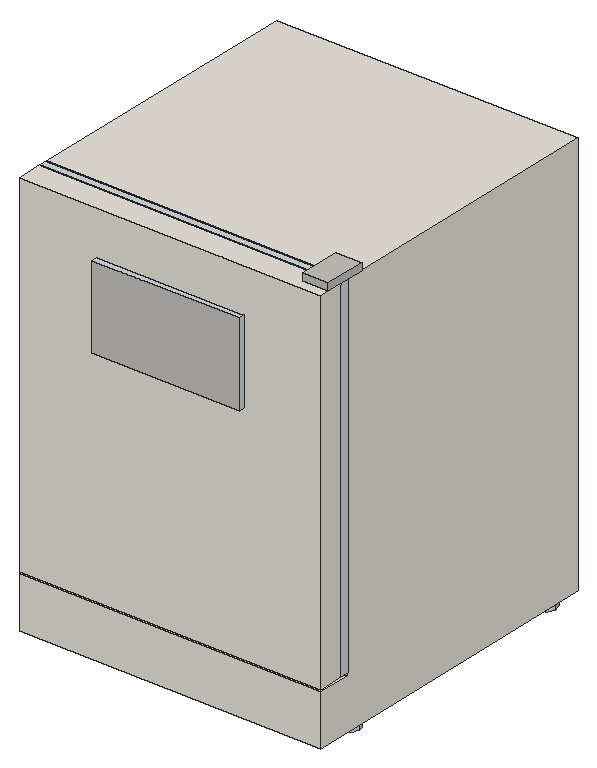
Revit family "NU-5700", category Mechanical Equipment, Revit 2018
Family settings
  Round Connector Dimension = Use Diameter
  Part Type = Normal
  OmniClass Number = 23.75.00.00
  OmniClass Title = Climate Control (HVAC)
  Work Plane-Based = No
  Always vertical = Yes
  Cut with Voids When Loaded = No
  Shared = No
  Room Calculation Point = No
Parameters
  WIDTH = 2' - 1 5/8"
  HEIGHT = 2' - 11 9/16"
  DEPTH = 2' - 3 5/16"
  CONTROL PANEL WIDTH = 1' - 0 9/16"
Reference planes (in)
  plane 1 "Center (Front/Back)": y = 0
  plane 2: z = 0
  plane 3 "Center (Left/Right)": x = 0
  plane 4: x = -12.8125
  plane 5: x = 12.8125
  plane 6: x = -6.28125
  plane 7: x = 6.28125
  plane 8: z = 5.5
  plane 9: z = 5.3125
  plane 10: z = 1
  plane 11: z = 31.75
  plane 12: z = 35.5625
  plane 13: z = 24.6875
  plane 14: z = 36.1875
  plane 15: x = 10.625
  plane 16: y = 13.65625
  plane 17: y = -13.65625
  plane 18: y = -11.53125
  plane 19: y = -10.84375
  plane 20: y = -14.15625
  plane 21: y = -12.90625
  plane 22: y = 12.21875
  plane 23: x = -11.3125
  plane 24: x = 11.3125
  plane 25: y = -9.34375
  plane 26: y = -8.65625
  plane 27: x = -10.5125
  plane 28: x = 10.5125
Forms (in)
  Extrusion 1, solid
    sketch origin (0, 0, 0) x (1, 0, 0) y (0, 0, 1)
      loop
        line (-6.28125, 31.75) -> (-6.28125, 24.6875) -> (6.28125, 24.6875) -> (6.28125, 31.75) -> (-6.28125, 31.75)
    from 13.65625 to 14.15625
  Extrusion 2, solid
    sketch origin (0, 0, 0) x (1, 0, 0) y (0, 0, 1)
      loop
        line (-12.8125, 35.5625) -> (-12.8125, 5.5) -> (12.8125, 5.5) -> (12.8125, 35.5625) -> (-12.8125, 35.5625)
    from 10.84375 to 11.53125
  Extrusion 3, solid
    sketch origin (-25.125, 0, -0.32839) x (1, 0, 0) y (0, 0, 1)
      loop
        line (12.3125, 35.89089) -> (12.3125, 5.82839) -> (37.9375, 5.82839) -> (37.9375, 35.89089) -> (12.3125, 35.89089)
    from 11.53125 to 13.65625
  Extrusion 4, solid
    sketch origin (0, 0, 0) x (0, 1, 0) y (0, 0, 1)
      loop
        line (-13.65625, 5.3125) -> (-13.65625, 1) -> (13.65625, 1) -> (13.65625, 35.5625) -> (-10.84375, 35.5625) -> (-10.84375, 5.3125) -> (-13.65625, 5.3125)
    from -12.8125 to 12.8125
  Extrusion 5, solid
    sketch origin (0, 0, 0) x (1, 0, 0) y (0, 0, 1)
      loop
        line (10.625, 36.1875) -> (10.625, 35.5625) -> (12.8125, 35.5625) -> (12.8125, 36.1875) -> (10.625, 36.1875)
    from 9.34375 to 12.90625
  Revolve 6, solid
    sketch origin (0, 12.21875, 99.09537) x (0, 0, 1) y (-1, 0, 0)
      loop
        line (-99.09537, -11.3125) -> (-98.09537, -11.3125) -> (-98.09537, -10.5125) -> (-99.09537, -10.5125) -> (-99.09537, -11.3125)
      axis (-98.09537, -11.3125) -> (-99.09537, -11.3125)
    angle from 0 to 360
  Revolve 7, solid
    sketch origin (0, 12.21875, 99.09537) x (0, 0, 1) y (-1, 0, 0)
      loop
        line (-99.09537, 11.3125) -> (-99.09537, 10.5125) -> (-98.09537, 10.5125) -> (-98.09537, 11.3125) -> (-99.09537, 11.3125)
      axis (-98.09537, 11.3125) -> (-99.09537, 11.3125)
    angle from 0 to 360
  Revolve 8, solid
    sketch origin (0, -8.65625, 0.59106) x (0, 0, -1) y (-1, 0, 0)
      loop
        line (0.59106, 10.5125) -> (0.59106, 11.3125) -> (-0.40894, 11.3125) -> (-0.40894, 10.5125) -> (0.59106, 10.5125)
      axis (-0.40894, 11.3125) -> (0.59106, 11.3125)
    angle from 0 to 360
  Revolve 9, solid
    sketch origin (0, -8.65625, 0.59106) x (0, 0, -1) y (-1, 0, 0)
      loop
        line (-0.40894, -10.5125) -> (-0.40894, -11.3125) -> (0.59106, -11.3125) -> (0.59106, -10.5125) -> (-0.40894, -10.5125)
      axis (0.59106, -11.3125) -> (-0.40894, -11.3125)
    angle from 0 to 360
Dimensions and locks (in)
  equal spacing: plane 5, plane 3 "Center (Left/Right)", plane 4
  "WIDTH": plane 5 to plane 4
  equal spacing: plane 7, plane 3 "Center (Left/Right)", plane 6
  "CONTROL PANEL WIDTH": plane 7 to plane 6
  locked: plane 14 to plane 12 at 0.625
  locked: plane 15 to plane 5 at 2.1875
  equal spacing: plane 16, plane 1 "Center (Front/Back)", plane 17
  "DEPTH": plane 16 to plane 17
  plane 4 to plane 23 = 0' - 1 1/2"
  locked: plane 5 to plane 24 at 1.5
  locked: plane 17 to plane 26 at 5
  locked: plane 21 to plane 17 at 0.75
  locked: plane 18 to plane 17 at 2.125
  locked: plane 19 to plane 18 at 0.6875
  locked: plane 21 to plane 25 at 3.5625
  locked: plane 16 to plane 22 at 1.4375
  locked: plane 27 to plane 23 at 0.8
  locked: plane 24 to plane 28 at 0.8
  locked: plane 10 to plane 2 at 1
  "HEIGHT": plane 12 to level
  Extrusion 5 to plane 11 to plane 13 = 0' - 3 13/16" locked, 0' - 7 1/16" locked
  locked: plane 8 to plane 9 at 0.1875
  locked: plane 10 to plane 9 at 4.3125
  locked: plane 20 to Extrusion 4 at 0.5
  equal spacing: plane 17, plane 1 "Center (Front/Back)", plane 16
  aligned and locked: level to plane 2
  aligned and locked: plane 11 to Extrusion 1 sketch curve
  aligned and locked: Extrusion 1 sketch curve to plane 6
  aligned and locked: Extrusion 1 sketch curve to plane 13
  aligned and locked: Extrusion 1 sketch curve to plane 7
  aligned and locked: Extrusion 1 to plane 17
  aligned and locked: plane 20 to Extrusion 1
  aligned and locked: Extrusion 3 sketch curve to plane 5
  aligned and locked: plane 17 to Extrusion 4 sketch curve
  aligned and locked: plane 10 to Extrusion 4 sketch curve
  aligned and locked: Extrusion 4 sketch curve to plane 16
  aligned and locked: plane 12 to Extrusion 4 sketch curve
  aligned and locked: Extrusion 4 sketch curve to Extrusion 2
  aligned and locked: Extrusion 5 sketch curve to plane 14
  aligned and locked: plane 15 to Extrusion 5 sketch curve
  aligned and locked: Extrusion 5 sketch curve to Extrusion 2
  aligned and locked: plane 21 to Extrusion 5
  aligned and locked: plane 25 to Extrusion 5
  aligned and locked: plane 10 to Revolve 6 sketch curve  (x2)
  aligned and locked: plane 24 to Revolve 6 sketch curve
  aligned and locked: level to Revolve 6 sketch curve
  aligned and locked: Revolve 6 sketch curve to Revolve 6 sketch curve
  aligned and locked: Revolve 6 sketch curve to plane 28
  aligned and locked: Revolve 7 sketch curve to level
  aligned and locked: plane 23 to Revolve 7 sketch curve
  aligned and locked: Revolve 7 sketch curve to plane 10
  aligned and locked: Revolve 7 sketch curve to plane 27
  aligned and locked: Revolve 7 sketch curve to Revolve 7 sketch curve  (x2)
  aligned and locked: Revolve 8 sketch curve to Revolve 7
  aligned and locked: plane 27 to Revolve 8 sketch curve
  aligned and locked: Revolve 7 to Revolve 8 sketch curve
  aligned and locked: Revolve 8 sketch curve to plane 23
  aligned and locked: Revolve 8 sketch curve to Revolve 8 sketch curve  (x2)
  aligned and locked: Revolve 9 sketch curve to Revolve 6  (x2)
  aligned and locked: Revolve 6 to Revolve 9 sketch curve
  aligned and locked: plane 24 to Revolve 9 sketch curve
  aligned and locked: Revolve 9 sketch curve to Revolve 9 sketch curve  (x2)
  aligned and locked: plane 9 to Extrusion 4
  aligned and locked: plane 8 to Extrusion 3
  aligned and locked: plane 8 to Extrusion 2
  aligned and locked: Extrusion 3 to plane 4
  aligned and locked: plane 12 to Extrusion 3
  aligned and locked: Extrusion 3 to plane 18
  aligned and locked: plane 17 to Extrusion 3
  aligned and locked: plane 18 to Extrusion 2
  aligned and locked: Extrusion 2 to plane 19
  aligned and locked: plane 12 to Extrusion 2
  aligned and locked: plane 5 to Extrusion 5
Automatic sketch dimensions
  Extrusion 2 sketch curve to plane 10 = 0' - 4 1/2"
  Extrusion 2 sketch curve to plane 4 = 0' - 0"
  Extrusion 2 sketch curve to plane 5 = 0' - 0"
  plane 12 to Extrusion 2 sketch curve = 0' - 0"
  Extrusion 3 sketch curve to plane 4 = 0' - 0"
  plane 12 to Extrusion 3 sketch curve = 0' - 0"
  Revolve 6 sketch curve to level = 0' - 0"
  Revolve 7 sketch curve to level = 0' - 0"
  Revolve 8 sketch curve to level = 0' - 0"
  Revolve 9 sketch curve to plane 10 = 0' - 0"
  Extrusion 5 sketch curve to plane 5 = 0' - 0"
  Extrusion 4 sketch curve to plane 9 = 0' - 0"
  plane 9 to Extrusion 3 sketch curve = 0' - 0 3/16"
